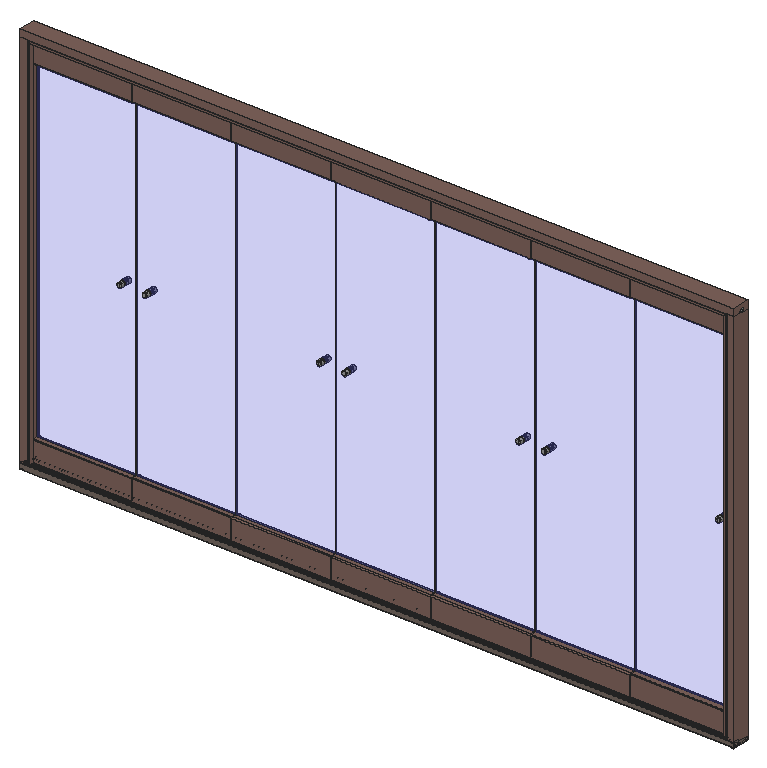
Revit family "FL7L 2385 LH", category Doors, host Wall, Revit 2015
Parameters (values of type "FL7L 2385 LH")
  Function = Interior
  Frame Projection Ext. = 25 mm
  Frame Projection Int. = 25 mm
  Frame Width = 75 mm
  Height = 2385 mm
  Wall Closure = By host
  Width = 4322 mm
Reference planes
  plane 1: y = 0
  plane 2 "Center (Left/Right)": x = 0
  plane 3 "Left": x = -2161
  plane 4 "Right": x = 2161
  plane 5: z = 2385
  plane 6 "Exterior": y = 75
  plane 7 "Interior": y = -75
  plane 8: x = 2116
  plane 9: x = 2112
  plane 10: x = 1512
  plane 11: x = 1508
  plane 12: x = 908
  plane 13: x = 904
  plane 14: x = 304
  plane 15: x = 300
  plane 16: x = -300
  plane 17: x = -304
  plane 18: x = -904
  plane 19: x = -908
  plane 20: x = -1508
  plane 21: x = -1512
  plane 22: x = -2112
  plane 23: x = -2116
Forms (mm)
  Extrusion 1, solid, material "Meranti (Frameless)"
    sketch origin (0, 0, 285) x (0, 1, 0) y (0, 0, 1)
      loop
        line (52.5, 2100) -> (-52.5, 2100) -> (-52.5, 2055) -> (-6.5, 2055) -> (-6.5, 2075) -> (15.5, 2075) -> (15.5, 2055) -> (52.5, 2055) -> (52.5, 2100)
    from -2161 to 2161
  Extrusion 2, solid, material "Steel, Chrome Plated"
    sketch origin (667.231, -1.5, 285) x (0, 1, 0) y (0, 0, 1)
      loop
        line (16.5, 2075) -> (-4.5, 2075) -> (-4.5, 2055) -> (-2.3, 2055) -> (-2.3, 2072.8) -> (14.3, 2072.8) -> (14.3, 2055) -> (16.5, 2055) -> (16.5, 2075)
    from -2828.231 to 1493.769
  Extrusion 3, solid, material "Meranti (Frameless)"
    sketch origin (0, 0, 0) x (1, 0, 0) y (0, 1, 0)
      loop
        line (-2161, 52.5) -> (-2161, -52.5) -> (-2116, -52.5) -> (-2116, 24.5) -> (-2128, 24.5) -> (-2128, 52.5) -> (-2161, 52.5)
      loop
        line (2161, 52.5) -> (2128, 52.5) -> (2128, 24.5) -> (2116, 24.5) -> (2116, -52.5) -> (2161, -52.5) -> (2161, 52.5)
    from 32 to 2340
  Extrusion 4, solid, material "Aluminium Cill (Bronze)"
    sketch origin (0, 79.18, -119.746) x (0, 1, 0) y (0, 0, 1)
      loop
        line (-26.68, 120.746) -> (-26.68, 135.746)
        arc (-26.68, 135.746) -> (-27.558, 137.867) -> (-29.68, 138.746) r 3
        line (-29.68, 138.746) -> (-40.947, 138.746)
        arc (-40.947, 138.746) -> (-42.68, 137.746) -> (-44.412, 138.746) r 2
        line (-44.412, 138.746) -> (-48.947, 138.746)
        arc (-48.947, 138.746) -> (-50.68, 137.746) -> (-52.412, 138.746) r 2
        line (-52.412, 138.746) -> (-56.947, 138.746)
        arc (-56.947, 138.746) -> (-58.68, 137.746) -> (-60.412, 138.746) r 2
        line (-60.412, 138.746) -> (-67.18, 138.746) -> (-67.18, 135.246)
        arc (-67.18, 135.246) -> (-67.619, 134.185) -> (-68.68, 133.746) r 1.5
        line (-68.68, 133.746) -> (-73.43, 133.746) -> (-73.43, 135.746) -> (-71.996, 135.746)
        arc (-71.996, 135.746) -> (-74.68, 138.746) -> (-77.363, 135.746) r 2.7
        line (-77.363, 135.746) -> (-75.93, 135.746) -> (-75.93, 133.746) -> (-80.68, 133.746)
        arc (-80.68, 133.746) -> (-81.74, 134.185) -> (-82.18, 135.246) r 1.5
        line (-82.18, 135.246) -> (-82.18, 138.746) -> (-90.432, 138.746) -> (-98.68, 138.746) -> (-98.68, 143.746)
        arc (-98.68, 143.746) -> (-99.18, 144.246) -> (-99.68, 143.746) r 0.5
        line (-99.68, 143.746) -> (-99.68, 142.734) -> (-100.88, 142.734) -> (-100.88, 150.246) -> (-99.68, 150.246) -> (-99.68, 149.246)
        arc (-99.68, 149.246) -> (-99.18, 148.746) -> (-98.68, 149.246) r 0.5
        line (-98.68, 149.246) -> (-98.68, 150.746)
        arc (-98.68, 150.746) -> (-98.972, 151.453) -> (-99.68, 151.746) r 1
        line (-99.68, 151.746) -> (-109.447, 151.746)
        arc (-109.447, 151.746) -> (-111.18, 150.746) -> (-112.912, 151.746) r 2
        line (-112.912, 151.746) -> (-117.447, 151.746)
        arc (-117.447, 151.746) -> (-119.18, 150.746) -> (-120.912, 151.746) r 2
        line (-120.912, 151.746) -> (-130.68, 151.746)
        arc (-130.68, 151.746) -> (-131.387, 151.453) -> (-131.68, 150.746) r 1
        line (-131.68, 150.746) -> (-131.68, 120.746)
        arc (-131.68, 120.746) -> (-131.387, 120.039) -> (-130.68, 119.746) r 1
        line (-130.68, 119.746) -> (-27.68, 119.746)
        arc (-27.68, 119.746) -> (-26.972, 120.039) -> (-26.68, 120.746) r 1
      loop
        line (-29.68, 137.246) -> (-40.23, 137.246)
        arc (-40.23, 137.246) -> (-42.68, 136.246) -> (-45.129, 137.246) r 3.5
        line (-45.129, 137.246) -> (-48.23, 137.246)
        arc (-48.23, 137.246) -> (-50.68, 136.246) -> (-53.129, 137.246) r 3.5
        line (-53.129, 137.246) -> (-56.23, 137.246)
        arc (-56.23, 137.246) -> (-58.68, 136.246) -> (-61.129, 137.246) r 3.5
        line (-61.129, 137.246) -> (-65.68, 137.246) -> (-65.68, 135.246)
        arc (-65.68, 135.246) -> (-66.558, 133.125) -> (-68.68, 132.246) r 3
        line (-68.68, 132.246) -> (-73.93, 132.246) -> (-73.93, 121.246) -> (-28.18, 121.246) -> (-28.18, 135.746)
        arc (-28.18, 135.746) -> (-28.619, 136.807) -> (-29.68, 137.246) r 1.5
      loop
        line (-75.43, 132.246) -> (-80.68, 132.246)
        arc (-80.68, 132.246) -> (-82.801, 133.125) -> (-83.68, 135.246) r 3
        line (-83.68, 135.246) -> (-83.68, 137.246) -> (-98.68, 137.246) -> (-98.68, 121.246) -> (-75.43, 121.246) -> (-75.43, 132.246)
      loop
        line (-100.18, 121.246) -> (-100.18, 141.246) -> (-102.38, 141.246) -> (-102.38, 150.246) -> (-108.73, 150.246)
        arc (-108.73, 150.246) -> (-111.18, 149.246) -> (-113.629, 150.246) r 3.5
        line (-113.629, 150.246) -> (-116.73, 150.246)
        arc (-116.73, 150.246) -> (-119.18, 149.246) -> (-121.629, 150.246) r 3.5
        line (-121.629, 150.246) -> (-130.18, 150.246) -> (-130.18, 121.246) -> (-100.18, 121.246)
    from -2161 to 2161
  Extrusion 5, solid, material "Meranti (Frameless)"
    sketch origin (0, 0, 0) x (1, 0, 0) y (0, 1, 0)
      loop
        line (-2161, 52.5) -> (-2161, -19.5) -> (-2116, -19.5) -> (-2116, 24.5) -> (-2128, 24.5) -> (-2128, 52.5) -> (-2161, 52.5)
      loop
        line (2161, 52.5) -> (2128, 52.5) -> (2128, 24.5) -> (2116, 24.5) -> (2116, -19.5) -> (2161, -19.5) -> (2161, 52.5)
    from 19 to 32
  Extrusion 6, solid, material "Meranti (Frameless)"
    sketch origin (0, 0, 285) x (0, 1, 0) y (0, 0, 1)
      loop
        line (-52.5, 2052) -> (-52.5, 2042) -> (-26.5, 2042) -> (-26.5, 2045.5) -> (-33.5, 2045.5) -> (-33.5, 2048.5) -> (-26.5, 2048.5) -> (-26.5, 2055) -> (-49.5, 2055) -> (-49.5, 2052) -> (-52.5, 2052)
    from -2116 to 2116
  Extrusion 7, solid, material "Meranti (Frameless)"
    sketch origin (0, 0, 285) x (1, 0, 0) y (0, 1, 0)
      loop
        line (-2113, -52.5) -> (-2103, -52.5) -> (-2103, -26.5) -> (-2106.5, -26.5) -> (-2106.5, -33.5) -> (-2109.5, -33.5) -> (-2109.5, -26.5) -> (-2116, -26.5) -> (-2116, -49.5) -> (-2113, -49.5) -> (-2113, -52.5)
      loop
        line (2113, -52.5) -> (2113, -49.5) -> (2116, -49.5) -> (2116, -26.5) -> (2109.5, -26.5) -> (2109.5, -33.5) -> (2106.5, -33.5) -> (2106.5, -26.5) -> (2103, -26.5) -> (2103, -52.5) -> (2113, -52.5)
    from -253 to 2042
  Extrusion 8, solid, material "Meranti (Frameless)"
    sketch origin (1202, 0, 0) x (0, 1, 0) y (0, 0, 1)
      loop
        line (24.5, 24) -> (24.5, 112) -> (13, 112) -> (13, 162) -> (-15.5, 162) -> (-20.5, 157) -> (-20.5, 37) -> (-15.5, 37) -> (-15.5, 24) -> (24.5, 24)
      loop
        line (24.5, 2335) -> (-20.5, 2335) -> (-20.5, 2202) -> (-15.5, 2197) -> (13, 2197) -> (13, 2247) -> (24.5, 2247) -> (24.5, 2335)
    from 310 to 910
  Extrusion 9, solid, material "Glass"
    sketch origin (1675.601, -93.1, -804.253) x (1, 0, 0) y (0, 0, 1)
      loop
        line (-163.601, 3051.253) -> (-163.601, 916.253) -> (436.399, 916.253) -> (436.399, 3051.253) -> (-163.601, 3051.253)
    from -116.1 to -106.1
  Extrusion 10, solid, material "Rubber, Black"
    sketch origin (1204.5, 0, 0) x (0, 1, 0) y (0, 0, 1)
      loop
        line (24.5, 112) -> (24.5, 162) -> (23, 162) -> (23, 112) -> (24.5, 112)
      loop
        line (24.5, 2197) -> (24.5, 2247) -> (23, 2247) -> (23, 2197) -> (24.5, 2197)
    from 307.5 to 907.5
  Revolve 11, solid, material "Steel, S 460"
    sketch origin (1662, 0, -1800) x (0, 1, 0) y (0, 0, 1)
      loop
        line (24.5, 1941.5) -> (31.5, 1941.5) -> (31.5, 1950) -> (29.5, 1952) -> (24.5, 1952) -> (24.5, 1941.5)
      axis (31.5, 1937) -> (24.5, 1937)
    angle from 0 to 360
  Revolve 12, solid, material "Steel, S 460"
    sketch origin (1962, 0, -1800) x (0, 1, 0) y (0, 0, -1)
      loop
        line (24.5, -1941.5) -> (24.5, -1952) -> (29.5, -1952) -> (31.5, -1950) -> (31.5, -1941.5) -> (24.5, -1941.5)
      axis (31.5, -1937) -> (24.5, -1937)
    angle from 0 to 360
  Revolve 13, solid, material "Steel, S 460"
    sketch origin (1662, 0, 285) x (0, 1, 0) y (0, 0, 1)
      loop
        line (24.5, 1941.5) -> (31.5, 1941.5) -> (31.5, 1950) -> (29.5, 1952) -> (24.5, 1952) -> (24.5, 1941.5)
      axis (31.5, 1937) -> (24.5, 1937)
    angle from 0 to 360
  Revolve 14, solid, material "Steel, S 460"
    sketch origin (1962, 0, 285) x (0, 1, 0) y (0, 0, -1)
      loop
        line (24.5, -1941.5) -> (24.5, -1952) -> (29.5, -1952) -> (31.5, -1950) -> (31.5, -1941.5) -> (24.5, -1941.5)
      axis (31.5, -1937) -> (24.5, -1937)
    angle from 0 to 360
  Extrusion 15, solid, material "Meranti (Frameless)"
    sketch origin (598, 0, 0) x (0, 1, 0) y (0, 0, 1)
      loop
        line (24.5, 24) -> (24.5, 112) -> (13, 112) -> (13, 162) -> (-15.5, 162) -> (-20.5, 157) -> (-20.5, 37) -> (-15.5, 37) -> (-15.5, 24) -> (24.5, 24)
      loop
        line (24.5, 2335) -> (-20.5, 2335) -> (-20.5, 2202) -> (-15.5, 2197) -> (13, 2197) -> (13, 2247) -> (24.5, 2247) -> (24.5, 2335)
    from 310 to 910
  Extrusion 16, solid, material "Glass"
    sketch origin (1071.601, -93.1, -804.253) x (1, 0, 0) y (0, 0, 1)
      loop
        line (-163.601, 3051.253) -> (-163.601, 916.253) -> (436.399, 916.253) -> (436.399, 3051.253) -> (-163.601, 3051.253)
    from -116.1 to -106.1
  Extrusion 17, solid, material "Rubber, Black"
    sketch origin (600.5, 0, 0) x (0, 1, 0) y (0, 0, 1)
      loop
        line (24.5, 112) -> (24.5, 162) -> (23, 162) -> (23, 112) -> (24.5, 112)
      loop
        line (24.5, 2197) -> (24.5, 2247) -> (23, 2247) -> (23, 2197) -> (24.5, 2197)
    from 307.5 to 907.5
  Revolve 18, solid, material "Steel, S 460"
    sketch origin (1058, 0, -1800) x (0, 1, 0) y (0, 0, 1)
      loop
        line (24.5, 1941.5) -> (31.5, 1941.5) -> (31.5, 1950) -> (29.5, 1952) -> (24.5, 1952) -> (24.5, 1941.5)
      axis (31.5, 1937) -> (24.5, 1937)
    angle from 0 to 360
  Revolve 19, solid, material "Steel, S 460"
    sketch origin (1358, 0, -1800) x (0, 1, 0) y (0, 0, -1)
      loop
        line (24.5, -1941.5) -> (24.5, -1952) -> (29.5, -1952) -> (31.5, -1950) -> (31.5, -1941.5) -> (24.5, -1941.5)
      axis (31.5, -1937) -> (24.5, -1937)
    angle from 0 to 360
  Revolve 20, solid, material "Steel, S 460"
    sketch origin (1058, 0, 285) x (0, 1, 0) y (0, 0, 1)
      loop
        line (24.5, 1941.5) -> (31.5, 1941.5) -> (31.5, 1950) -> (29.5, 1952) -> (24.5, 1952) -> (24.5, 1941.5)
      axis (31.5, 1937) -> (24.5, 1937)
    angle from 0 to 360
  Revolve 21, solid, material "Steel, S 460"
    sketch origin (1358, 0, 285) x (0, 1, 0) y (0, 0, -1)
      loop
        line (24.5, -1941.5) -> (24.5, -1952) -> (29.5, -1952) -> (31.5, -1950) -> (31.5, -1941.5) -> (24.5, -1941.5)
      axis (31.5, -1937) -> (24.5, -1937)
    angle from 0 to 360
  Extrusion 22, solid, material "Meranti (Frameless)"
    sketch origin (-6, 0, 0) x (0, 1, 0) y (0, 0, 1)
      loop
        line (24.5, 24) -> (24.5, 112) -> (13, 112) -> (13, 162) -> (-15.5, 162) -> (-20.5, 157) -> (-20.5, 37) -> (-15.5, 37) -> (-15.5, 24) -> (24.5, 24)
      loop
        line (24.5, 2335) -> (-20.5, 2335) -> (-20.5, 2202) -> (-15.5, 2197) -> (13, 2197) -> (13, 2247) -> (24.5, 2247) -> (24.5, 2335)
    from 310 to 910
  Extrusion 23, solid, material "Glass"
    sketch origin (467.601, -93.1, -804.253) x (1, 0, 0) y (0, 0, 1)
      loop
        line (-163.601, 3051.253) -> (-163.601, 916.253) -> (436.399, 916.253) -> (436.399, 3051.253) -> (-163.601, 3051.253)
    from -116.1 to -106.1
  Extrusion 24, solid, material "Rubber, Black"
    sketch origin (-3.5, 0, 0) x (0, 1, 0) y (0, 0, 1)
      loop
        line (24.5, 112) -> (24.5, 162) -> (23, 162) -> (23, 112) -> (24.5, 112)
      loop
        line (24.5, 2197) -> (24.5, 2247) -> (23, 2247) -> (23, 2197) -> (24.5, 2197)
    from 307.5 to 907.5
  Revolve 25, solid, material "Steel, S 460"
    sketch origin (454, 0, -1800) x (0, 1, 0) y (0, 0, 1)
      loop
        line (24.5, 1941.5) -> (31.5, 1941.5) -> (31.5, 1950) -> (29.5, 1952) -> (24.5, 1952) -> (24.5, 1941.5)
      axis (31.5, 1937) -> (24.5, 1937)
    angle from 0 to 360
  Revolve 26, solid, material "Steel, S 460"
    sketch origin (754, 0, -1800) x (0, 1, 0) y (0, 0, -1)
      loop
        line (24.5, -1941.5) -> (24.5, -1952) -> (29.5, -1952) -> (31.5, -1950) -> (31.5, -1941.5) -> (24.5, -1941.5)
      axis (31.5, -1937) -> (24.5, -1937)
    angle from 0 to 360
  Revolve 27, solid, material "Steel, S 460"
    sketch origin (454, 0, 285) x (0, 1, 0) y (0, 0, 1)
      loop
        line (24.5, 1941.5) -> (31.5, 1941.5) -> (31.5, 1950) -> (29.5, 1952) -> (24.5, 1952) -> (24.5, 1941.5)
      axis (31.5, 1937) -> (24.5, 1937)
    angle from 0 to 360
  Revolve 28, solid, material "Steel, S 460"
    sketch origin (754, 0, 285) x (0, 1, 0) y (0, 0, -1)
      loop
        line (24.5, -1941.5) -> (24.5, -1952) -> (29.5, -1952) -> (31.5, -1950) -> (31.5, -1941.5) -> (24.5, -1941.5)
      axis (31.5, -1937) -> (24.5, -1937)
    angle from 0 to 360
  Extrusion 29, solid, material "Meranti (Frameless)"
    sketch origin (-610, 0, 0) x (0, 1, 0) y (0, 0, 1)
      loop
        line (24.5, 24) -> (24.5, 112) -> (13, 112) -> (13, 162) -> (-15.5, 162) -> (-20.5, 157) -> (-20.5, 37) -> (-15.5, 37) -> (-15.5, 24) -> (24.5, 24)
      loop
        line (24.5, 2335) -> (-20.5, 2335) -> (-20.5, 2202) -> (-15.5, 2197) -> (13, 2197) -> (13, 2247) -> (24.5, 2247) -> (24.5, 2335)
    from 310 to 910
  Extrusion 30, solid, material "Glass"
    sketch origin (-136.399, -93.1, -804.253) x (1, 0, 0) y (0, 0, 1)
      loop
        line (-163.601, 3051.253) -> (-163.601, 916.253) -> (436.399, 916.253) -> (436.399, 3051.253) -> (-163.601, 3051.253)
    from -116.1 to -106.1
  Extrusion 31, solid, material "Rubber, Black"
    sketch origin (-607.5, 0, 0) x (0, 1, 0) y (0, 0, 1)
      loop
        line (24.5, 112) -> (24.5, 162) -> (23, 162) -> (23, 112) -> (24.5, 112)
      loop
        line (24.5, 2197) -> (24.5, 2247) -> (23, 2247) -> (23, 2197) -> (24.5, 2197)
    from 307.5 to 907.5
  Revolve 32, solid, material "Steel, S 460"
    sketch origin (-150, 0, -1800) x (0, 1, 0) y (0, 0, 1)
      loop
        line (24.5, 1941.5) -> (31.5, 1941.5) -> (31.5, 1950) -> (29.5, 1952) -> (24.5, 1952) -> (24.5, 1941.5)
      axis (31.5, 1937) -> (24.5, 1937)
    angle from 0 to 360
  Revolve 33, solid, material "Steel, S 460"
    sketch origin (150, 0, -1800) x (0, 1, 0) y (0, 0, -1)
      loop
        line (24.5, -1941.5) -> (24.5, -1952) -> (29.5, -1952) -> (31.5, -1950) -> (31.5, -1941.5) -> (24.5, -1941.5)
      axis (31.5, -1937) -> (24.5, -1937)
    angle from 0 to 360
  Revolve 34, solid, material "Steel, S 460"
    sketch origin (-150, 0, 285) x (0, 1, 0) y (0, 0, 1)
      loop
        line (24.5, 1941.5) -> (31.5, 1941.5) -> (31.5, 1950) -> (29.5, 1952) -> (24.5, 1952) -> (24.5, 1941.5)
      axis (31.5, 1937) -> (24.5, 1937)
    angle from 0 to 360
  Revolve 35, solid, material "Steel, S 460"
    sketch origin (150, 0, 285) x (0, 1, 0) y (0, 0, -1)
      loop
        line (24.5, -1941.5) -> (24.5, -1952) -> (29.5, -1952) -> (31.5, -1950) -> (31.5, -1941.5) -> (24.5, -1941.5)
      axis (31.5, -1937) -> (24.5, -1937)
    angle from 0 to 360
  Extrusion 36, solid, material "Meranti (Frameless)"
    sketch origin (-1214, 0, 0) x (0, 1, 0) y (0, 0, 1)
      loop
        line (24.5, 24) -> (24.5, 112) -> (13, 112) -> (13, 162) -> (-15.5, 162) -> (-20.5, 157) -> (-20.5, 37) -> (-15.5, 37) -> (-15.5, 24) -> (24.5, 24)
      loop
        line (24.5, 2335) -> (-20.5, 2335) -> (-20.5, 2202) -> (-15.5, 2197) -> (13, 2197) -> (13, 2247) -> (24.5, 2247) -> (24.5, 2335)
    from 310 to 910
  Extrusion 37, solid, material "Glass"
    sketch origin (-740.399, -93.1, -804.253) x (1, 0, 0) y (0, 0, 1)
      loop
        line (-163.601, 3051.253) -> (-163.601, 916.253) -> (436.399, 916.253) -> (436.399, 3051.253) -> (-163.601, 3051.253)
    from -116.1 to -106.1
  Extrusion 38, solid, material "Rubber, Black"
    sketch origin (-1211.5, 0, 0) x (0, 1, 0) y (0, 0, 1)
      loop
        line (24.5, 112) -> (24.5, 162) -> (23, 162) -> (23, 112) -> (24.5, 112)
      loop
        line (24.5, 2197) -> (24.5, 2247) -> (23, 2247) -> (23, 2197) -> (24.5, 2197)
    from 307.5 to 907.5
  Revolve 39, solid, material "Steel, S 460"
    sketch origin (-754, 0, -1800) x (0, 1, 0) y (0, 0, 1)
      loop
        line (24.5, 1941.5) -> (31.5, 1941.5) -> (31.5, 1950) -> (29.5, 1952) -> (24.5, 1952) -> (24.5, 1941.5)
      axis (31.5, 1937) -> (24.5, 1937)
    angle from 0 to 360
  Revolve 40, solid, material "Steel, S 460"
    sketch origin (-454, 0, -1800) x (0, 1, 0) y (0, 0, -1)
      loop
        line (24.5, -1941.5) -> (24.5, -1952) -> (29.5, -1952) -> (31.5, -1950) -> (31.5, -1941.5) -> (24.5, -1941.5)
      axis (31.5, -1937) -> (24.5, -1937)
    angle from 0 to 360
  Revolve 41, solid, material "Steel, S 460"
    sketch origin (-754, 0, 285) x (0, 1, 0) y (0, 0, 1)
      loop
        line (24.5, 1941.5) -> (31.5, 1941.5) -> (31.5, 1950) -> (29.5, 1952) -> (24.5, 1952) -> (24.5, 1941.5)
      axis (31.5, 1937) -> (24.5, 1937)
    angle from 0 to 360
  Revolve 42, solid, material "Steel, S 460"
    sketch origin (-454, 0, 285) x (0, 1, 0) y (0, 0, -1)
      loop
        line (24.5, -1941.5) -> (24.5, -1952) -> (29.5, -1952) -> (31.5, -1950) -> (31.5, -1941.5) -> (24.5, -1941.5)
      axis (31.5, -1937) -> (24.5, -1937)
    angle from 0 to 360
  Extrusion 43, solid, material "Meranti (Frameless)"
    sketch origin (-1818, 0, 0) x (0, 1, 0) y (0, 0, 1)
      loop
        line (24.5, 24) -> (24.5, 112) -> (13, 112) -> (13, 162) -> (-15.5, 162) -> (-20.5, 157) -> (-20.5, 37) -> (-15.5, 37) -> (-15.5, 24) -> (24.5, 24)
      loop
        line (24.5, 2335) -> (-20.5, 2335) -> (-20.5, 2202) -> (-15.5, 2197) -> (13, 2197) -> (13, 2247) -> (24.5, 2247) -> (24.5, 2335)
    from 310 to 910
  Extrusion 44, solid, material "Glass"
    sketch origin (-1344.399, -93.1, -804.253) x (1, 0, 0) y (0, 0, 1)
      loop
        line (-163.601, 3051.253) -> (-163.601, 916.253) -> (436.399, 916.253) -> (436.399, 3051.253) -> (-163.601, 3051.253)
    from -116.1 to -106.1
  Extrusion 45, solid, material "Rubber, Black"
    sketch origin (-1815.5, 0, 0) x (0, 1, 0) y (0, 0, 1)
      loop
        line (24.5, 112) -> (24.5, 162) -> (23, 162) -> (23, 112) -> (24.5, 112)
      loop
        line (24.5, 2197) -> (24.5, 2247) -> (23, 2247) -> (23, 2197) -> (24.5, 2197)
    from 307.5 to 907.5
  Revolve 46, solid, material "Steel, S 460"
    sketch origin (-1358, 0, -1800) x (0, 1, 0) y (0, 0, 1)
      loop
        line (24.5, 1941.5) -> (31.5, 1941.5) -> (31.5, 1950) -> (29.5, 1952) -> (24.5, 1952) -> (24.5, 1941.5)
      axis (31.5, 1937) -> (24.5, 1937)
    angle from 0 to 360
  Revolve 47, solid, material "Steel, S 460"
    sketch origin (-1058, 0, -1800) x (0, 1, 0) y (0, 0, -1)
      loop
        line (24.5, -1941.5) -> (24.5, -1952) -> (29.5, -1952) -> (31.5, -1950) -> (31.5, -1941.5) -> (24.5, -1941.5)
      axis (31.5, -1937) -> (24.5, -1937)
    angle from 0 to 360
  Revolve 48, solid, material "Steel, S 460"
    sketch origin (-1358, 0, 285) x (0, 1, 0) y (0, 0, 1)
      loop
        line (24.5, 1941.5) -> (31.5, 1941.5) -> (31.5, 1950) -> (29.5, 1952) -> (24.5, 1952) -> (24.5, 1941.5)
      axis (31.5, 1937) -> (24.5, 1937)
    angle from 0 to 360
  Revolve 49, solid, material "Steel, S 460"
    sketch origin (-1058, 0, 285) x (0, 1, 0) y (0, 0, -1)
      loop
        line (24.5, -1941.5) -> (24.5, -1952) -> (29.5, -1952) -> (31.5, -1950) -> (31.5, -1941.5) -> (24.5, -1941.5)
      axis (31.5, -1937) -> (24.5, -1937)
    angle from 0 to 360
  Extrusion 50, solid, material "Meranti (Frameless)"
    sketch origin (-2422, 0, 0) x (0, 1, 0) y (0, 0, 1)
      loop
        line (24.5, 24) -> (24.5, 112) -> (13, 112) -> (13, 162) -> (-15.5, 162) -> (-20.5, 157) -> (-20.5, 37) -> (-15.5, 37) -> (-15.5, 24) -> (24.5, 24)
      loop
        line (24.5, 2335) -> (-20.5, 2335) -> (-20.5, 2202) -> (-15.5, 2197) -> (13, 2197) -> (13, 2247) -> (24.5, 2247) -> (24.5, 2335)
    from 310 to 910
  Extrusion 51, solid, material "Glass"
    sketch origin (-1948.399, -93.1, -804.253) x (1, 0, 0) y (0, 0, 1)
      loop
        line (-163.601, 3051.253) -> (-163.601, 916.253) -> (436.399, 916.253) -> (436.399, 3051.253) -> (-163.601, 3051.253)
    from -116.1 to -106.1
  Extrusion 52, solid, material "Rubber, Black"
    sketch origin (-2419.5, 0, 0) x (0, 1, 0) y (0, 0, 1)
      loop
        line (24.5, 112) -> (24.5, 162) -> (23, 162) -> (23, 112) -> (24.5, 112)
      loop
        line (24.5, 2197) -> (24.5, 2247) -> (23, 2247) -> (23, 2197) -> (24.5, 2197)
    from 307.5 to 907.5
  Revolve 53, solid, material "Steel, S 460"
    sketch origin (-1962, 0, -1800) x (0, 1, 0) y (0, 0, 1)
      loop
        line (24.5, 1941.5) -> (31.5, 1941.5) -> (31.5, 1950) -> (29.5, 1952) -> (24.5, 1952) -> (24.5, 1941.5)
      axis (31.5, 1937) -> (24.5, 1937)
    angle from 0 to 360
  Revolve 54, solid, material "Steel, S 460"
    sketch origin (-1662, 0, -1800) x (0, 1, 0) y (0, 0, -1)
      loop
        line (24.5, -1941.5) -> (24.5, -1952) -> (29.5, -1952) -> (31.5, -1950) -> (31.5, -1941.5) -> (24.5, -1941.5)
      axis (31.5, -1937) -> (24.5, -1937)
    angle from 0 to 360
  Revolve 55, solid, material "Steel, S 460"
    sketch origin (-1962, 0, 285) x (0, 1, 0) y (0, 0, 1)
      loop
        line (24.5, 1941.5) -> (31.5, 1941.5) -> (31.5, 1950) -> (29.5, 1952) -> (24.5, 1952) -> (24.5, 1941.5)
      axis (31.5, 1937) -> (24.5, 1937)
    angle from 0 to 360
  Revolve 56, solid, material "Steel, S 460"
    sketch origin (-1662, 0, 285) x (0, 1, 0) y (0, 0, -1)
      loop
        line (24.5, -1941.5) -> (24.5, -1952) -> (29.5, -1952) -> (31.5, -1950) -> (31.5, -1941.5) -> (24.5, -1941.5)
      axis (31.5, -1937) -> (24.5, -1937)
    angle from 0 to 360
  Revolve 57, solid, material "Steel, Chrome Plated"
    sketch origin (-1587, -128.249, 152.823) x (0, 1, 0) y (0, 0, -1)
      loop
        line (151.249, -1026.677) -> (151.249, -1041.677) -> (154.249, -1041.677) -> (159.249, -1036.677) -> (164.249, -1041.677) -> (180.249, -1041.677) -> (181.249, -1040.677) -> (181.249, -1026.677) -> (151.249, -1026.677)
      axis (181.249, -1026.677) -> (151.249, -1026.677)
    angle from 0 to 360
  Revolve 58, solid, material "Steel, Chrome Plated"
    sketch origin (-1587, 164.249, 152.823) x (0, -1, 0) y (0, 0, 1)
      loop
        line (151.249, 1026.677) -> (181.249, 1026.677) -> (181.249, 1040.677) -> (180.249, 1041.677) -> (164.249, 1041.677) -> (159.249, 1036.677) -> (154.249, 1041.677) -> (151.249, 1041.677) -> (151.249, 1026.677)
      axis (181.249, 1026.677) -> (151.249, 1026.677)
    angle from 0 to 360
  Revolve 59, solid, material "Steel, Chrome Plated"
    sketch origin (-379, -128.249, 152.823) x (0, 1, 0) y (0, 0, -1)
      loop
        line (151.249, -1026.677) -> (151.249, -1041.677) -> (154.249, -1041.677) -> (159.249, -1036.677) -> (164.249, -1041.677) -> (180.249, -1041.677) -> (181.249, -1040.677) -> (181.249, -1026.677) -> (151.249, -1026.677)
      axis (181.249, -1026.677) -> (151.249, -1026.677)
    angle from 0 to 360
  Revolve 60, solid, material "Steel, Chrome Plated"
    sketch origin (-379, 164.249, 152.823) x (0, -1, 0) y (0, 0, 1)
      loop
        line (151.249, 1026.677) -> (181.249, 1026.677) -> (181.249, 1040.677) -> (180.249, 1041.677) -> (164.249, 1041.677) -> (159.249, 1036.677) -> (154.249, 1041.677) -> (151.249, 1041.677) -> (151.249, 1026.677)
      axis (181.249, 1026.677) -> (151.249, 1026.677)
    angle from 0 to 360
  Revolve 61, solid, material "Steel, Chrome Plated"
    sketch origin (829, -128.249, 152.823) x (0, 1, 0) y (0, 0, -1)
      loop
        line (151.249, -1026.677) -> (151.249, -1041.677) -> (154.249, -1041.677) -> (159.249, -1036.677) -> (164.249, -1041.677) -> (180.249, -1041.677) -> (181.249, -1040.677) -> (181.249, -1026.677) -> (151.249, -1026.677)
      axis (181.249, -1026.677) -> (151.249, -1026.677)
    angle from 0 to 360
  Revolve 62, solid, material "Steel, Chrome Plated"
    sketch origin (829, 164.249, 152.823) x (0, -1, 0) y (0, 0, 1)
      loop
        line (151.249, 1026.677) -> (181.249, 1026.677) -> (181.249, 1040.677) -> (180.249, 1041.677) -> (164.249, 1041.677) -> (159.249, 1036.677) -> (154.249, 1041.677) -> (151.249, 1041.677) -> (151.249, 1026.677)
      axis (181.249, 1026.677) -> (151.249, 1026.677)
    angle from 0 to 360
  Revolve 63, solid, material "Steel, Chrome Plated"
    sketch origin (2037, -128.249, 152.823) x (0, 1, 0) y (0, 0, -1)
      loop
        line (151.249, -1026.677) -> (151.249, -1041.677) -> (154.249, -1041.677) -> (159.249, -1036.677) -> (164.249, -1041.677) -> (180.249, -1041.677) -> (181.249, -1040.677) -> (181.249, -1026.677) -> (151.249, -1026.677)
      axis (181.249, -1026.677) -> (151.249, -1026.677)
    angle from 0 to 360
  Revolve 64, solid, material "Steel, Chrome Plated"
    sketch origin (2037, 164.249, 152.823) x (0, -1, 0) y (0, 0, 1)
      loop
        line (151.249, 1026.677) -> (181.249, 1026.677) -> (181.249, 1040.677) -> (180.249, 1041.677) -> (164.249, 1041.677) -> (159.249, 1036.677) -> (154.249, 1041.677) -> (151.249, 1041.677) -> (151.249, 1026.677)
      axis (181.249, 1026.677) -> (151.249, 1026.677)
    angle from 0 to 360
  Revolve 65, solid, material "Steel, Chrome Plated"
    sketch origin (-1433, -128.249, 152.823) x (0, 1, 0) y (0, 0, 1)
      loop
        line (151.249, 1026.677) -> (181.249, 1026.677) -> (181.249, 1040.677) -> (180.249, 1041.677) -> (164.249, 1041.677) -> (159.249, 1036.677) -> (154.249, 1041.677) -> (151.249, 1041.677) -> (151.249, 1026.677)
      axis (181.249, 1026.677) -> (151.249, 1026.677)
    angle from 0 to 360
  Revolve 66, solid, material "Steel, Chrome Plated"
    sketch origin (-225, -128.249, 152.823) x (0, 1, 0) y (0, 0, 1)
      loop
        line (151.249, 1026.677) -> (181.249, 1026.677) -> (181.249, 1040.677) -> (180.249, 1041.677) -> (164.249, 1041.677) -> (159.249, 1036.677) -> (154.249, 1041.677) -> (151.249, 1041.677) -> (151.249, 1026.677)
      axis (181.249, 1026.677) -> (151.249, 1026.677)
    angle from 0 to 360
  Revolve 67, solid, material "Steel, Chrome Plated"
    sketch origin (983, -128.249, 152.823) x (0, 1, 0) y (0, 0, 1)
      loop
        line (151.249, 1026.677) -> (181.249, 1026.677) -> (181.249, 1040.677) -> (180.249, 1041.677) -> (164.249, 1041.677) -> (159.249, 1036.677) -> (154.249, 1041.677) -> (151.249, 1041.677) -> (151.249, 1026.677)
      axis (181.249, 1026.677) -> (151.249, 1026.677)
    angle from 0 to 360
  Revolve 68, solid, material "Steel, Chrome Plated"
    sketch origin (-1433, 164.249, 152.823) x (0, -1, 0) y (0, 0, -1)
      loop
        line (151.249, -1026.677) -> (151.249, -1041.677) -> (154.249, -1041.677) -> (159.249, -1036.677) -> (164.249, -1041.677) -> (180.249, -1041.677) -> (181.249, -1040.677) -> (181.249, -1026.677) -> (151.249, -1026.677)
      axis (181.249, -1026.677) -> (151.249, -1026.677)
    angle from 0 to 360
  Revolve 69, solid, material "Steel, Chrome Plated"
    sketch origin (-225, 164.249, 152.823) x (0, -1, 0) y (0, 0, -1)
      loop
        line (151.249, -1026.677) -> (151.249, -1041.677) -> (154.249, -1041.677) -> (159.249, -1036.677) -> (164.249, -1041.677) -> (180.249, -1041.677) -> (181.249, -1040.677) -> (181.249, -1026.677) -> (151.249, -1026.677)
      axis (181.249, -1026.677) -> (151.249, -1026.677)
    angle from 0 to 360
  Revolve 70, solid, material "Steel, Chrome Plated"
    sketch origin (983, 164.249, 152.823) x (0, -1, 0) y (0, 0, -1)
      loop
        line (151.249, -1026.677) -> (151.249, -1041.677) -> (154.249, -1041.677) -> (159.249, -1036.677) -> (164.249, -1041.677) -> (180.249, -1041.677) -> (181.249, -1040.677) -> (181.249, -1026.677) -> (151.249, -1026.677)
      axis (181.249, -1026.677) -> (151.249, -1026.677)
    angle from 0 to 360
Cuts and joins
  joined: Extrusion 3, Extrusion 5
Lines and regions (mm)
  Opening 1
    outline origin (-3050, -75, 0) x (1, 0, 0) y (0, 0, 1)
      loop
        line (889, 0) -> (5211, 0) -> (5211, 2385) -> (889, 2385) -> (889, 0)
  model lines
    curve 1: line (-1640.302, 75, 1192.5) -> (-1815.302, 75, 1192.5)
    curve 2: line (-1954.379, 75, 1192.5) -> (-1815.302, 75, 1248.691)
    curve 3: line (-1815.302, 75, 1248.691) -> (-1815.302, 75, 1136.309)
    curve 4: line (-1954.379, 75, 1192.5) -> (-1815.302, 75, 1136.309)
    curve 5: line (-1036.302, 75, 1192.5) -> (-1211.302, 75, 1192.5)
    curve 6: line (-1350.379, 75, 1192.5) -> (-1211.302, 75, 1248.691)
    curve 7: line (-1211.302, 75, 1248.691) -> (-1211.302, 75, 1136.309)
    curve 8: line (-1350.379, 75, 1192.5) -> (-1211.302, 75, 1136.309)
    curve 9: line (-432.302, 75, 1192.5) -> (-607.302, 75, 1192.5)
    curve 10: line (-746.379, 75, 1192.5) -> (-607.302, 75, 1248.691)
    curve 11: line (-607.302, 75, 1248.691) -> (-607.302, 75, 1136.309)
    curve 12: line (-746.379, 75, 1192.5) -> (-607.302, 75, 1136.309)
    curve 13: line (171.698, 75, 1192.5) -> (-3.302, 75, 1192.5)
    curve 14: line (-142.379, 75, 1192.5) -> (-3.302, 75, 1248.691)
    curve 15: line (-3.302, 75, 1248.691) -> (-3.302, 75, 1136.309)
    curve 16: line (-142.379, 75, 1192.5) -> (-3.302, 75, 1136.309)
    curve 17: line (775.698, 75, 1192.5) -> (600.698, 75, 1192.5)
    curve 18: line (461.621, 75, 1192.5) -> (600.698, 75, 1248.691)
    curve 19: line (600.698, 75, 1248.691) -> (600.698, 75, 1136.309)
    curve 20: line (461.621, 75, 1192.5) -> (600.698, 75, 1136.309)
    curve 21: line (1379.698, 75, 1192.5) -> (1204.698, 75, 1192.5)
    curve 22: line (1065.621, 75, 1192.5) -> (1204.698, 75, 1248.691)
    curve 23: line (1204.698, 75, 1248.691) -> (1204.698, 75, 1136.309)
    curve 24: line (1065.621, 75, 1192.5) -> (1204.698, 75, 1136.309)
    curve 25: line (1983.698, 75, 1192.5) -> (1808.698, 75, 1192.5)
    curve 26: line (1669.621, 75, 1192.5) -> (1808.698, 75, 1248.691)
    curve 27: line (1808.698, 75, 1248.691) -> (1808.698, 75, 1136.309)
    curve 28: line (1669.621, 75, 1192.5) -> (1808.698, 75, 1136.309)
    curve 29: line (-2112, 24.5, 0) -> (-1906.788, 588.316, 0)
    curve 30: line (-1906.788, 588.316, 0) -> (-1864.502, 572.925, 0)
    curve 31: line (-1864.502, 572.925, 0) -> (-2069.714, 9.109, 0)
    curve 32: line (-1616.782, 23.892, 0) -> (-1822.216, 588.316, 0)
    curve 33: line (-1822.216, 588.316, 0) -> (-1864.502, 572.925, 0)
    curve 34: line (-1864.502, 572.925, 0) -> (-1659.29, 9.109, 0)
    curve 35: line (-1616.782, 23.892, 0) -> (-1411.349, 588.316, 0)
    curve 36: line (-1411.349, 588.316, 0) -> (-1369.063, 572.925, 0)
    curve 37: line (-1369.063, 572.925, 0) -> (-1574.275, 9.109, 0)
    curve 38: line (-626.126, 24.5, 0) -> (-831.338, 588.316, 0)
    curve 39: line (-831.338, 588.316, 0) -> (-873.624, 572.925, 0)
    curve 40: line (-873.624, 572.925, 0) -> (-668.412, 9.109, 0)
    curve 41: line (-1121.343, 23.892, 0) -> (-915.91, 588.316, 0)
    curve 42: line (-915.91, 588.316, 0) -> (-873.624, 572.925, 0)
    curve 43: line (-873.624, 572.925, 0) -> (-1078.836, 9.109, 0)
    curve 44: line (-1121.343, 23.892, 0) -> (-1326.777, 588.316, 0)
    curve 45: line (-1326.777, 588.316, 0) -> (-1369.063, 572.925, 0)
    curve 46: line (-1369.063, 572.925, 0) -> (-1163.851, 9.109, 0)
    curve 47: line (-626.126, 24.5, 0) -> (-420.913, 588.316, 0)
    curve 48: line (-420.913, 588.316, 0) -> (-378.627, 572.925, 0)
    curve 49: line (-378.627, 572.925, 0) -> (-583.839, 9.109, 0)
Text (mm)
  text "Exterior" at (-2295.016, 1099.543, 0), in view "Ref. Level"
  text "Exterior" at (0, 1615.38, 3698.081), in view "Left"
  text "Exterior" at (0, 1036.032, 3874.932), in view "Right"
Dimensions and locks
  equal spacing: plane 3 "Left", plane 2 "Center (Left/Right)", plane 4 "Right"
  "Width": plane 3 "Left" to plane 4 "Right"
  "Height": plane 5 to host wall
  host wall to plane 5 = 2385 mm  (x2)
  locked: plane 6 "Exterior" to host wall at 0
  locked: plane 7 "Interior" to host wall
  plane 3 "Left" to plane 4 "Right" = 4322 mm
  aligned and locked: plane 3 "Left" to Opening 1 sketch curve
  aligned and locked: plane 5 to Opening 1 sketch curve  (x2)
  aligned and locked: Opening 1 sketch curve to plane 4 "Right"
  aligned and locked: Opening 1 sketch curve to level
  aligned and locked: host wall to plane 1
  aligned and locked: Extrusion 8 to Extrusion 10  (x2)
  aligned and locked: Extrusion 15 to Extrusion 17  (x2)
  aligned and locked: Extrusion 22 to Extrusion 24  (x2)
  aligned and locked: Extrusion 29 to Extrusion 31  (x2)
  aligned and locked: Extrusion 36 to Extrusion 38  (x2)
  aligned and locked: Extrusion 43 to Extrusion 45  (x2)
  aligned and locked: Extrusion 50 to Extrusion 52  (x2)
Automatic sketch dimensions
  plane 22 to curve 2 = 157.621 mm
  curve 2 to curve 2 = 139.078 mm
  plane 20 to curve 6 = 157.621 mm
  curve 6 to curve 6 = 139.078 mm
  plane 18 to curve 10 = 157.621 mm
  curve 10 to curve 10 = 139.078 mm
  curve 14 to plane 2 "Center (Left/Right)" = 142.379 mm
  curve 14 to plane 2 "Center (Left/Right)" = 3.302 mm
  plane 14 to curve 20 = 157.621 mm
  curve 18 to curve 18 = 139.078 mm
  plane 12 to curve 24 = 157.621 mm
  curve 22 to curve 23 = 139.078 mm
  plane 10 to curve 26 = 157.621 mm
  curve 26 to curve 27 = 139.078 mm
  level to curve 3 = 1136.309 mm
  curve 7 to curve 3 = 0 mm
  curve 11 to curve 7 = 0 mm
  curve 15 to curve 11 = 0 mm
  curve 19 to curve 15 = 0 mm
  curve 23 to curve 19 = 0 mm
  curve 27 to curve 23 = 0 mm
  curve 27 to curve 28 = 56.191 mm
  curve 24 to curve 24 = 56.191 mm
  curve 3 to curve 2 = 56.191 mm
  curve 7 to curve 6 = 56.191 mm
  curve 19 to curve 20 = 56.191 mm
  curve 11 to curve 10 = 56.191 mm
  curve 16 to curve 14 = 56.191 mm
  curve 16 to curve 14 = 112.382 mm
  curve 11 to curve 11 = 112.382 mm
  curve 19 to curve 18 = 112.382 mm
  curve 7 to curve 7 = 112.382 mm
  curve 3 to curve 3 = 112.382 mm
  curve 24 to curve 22 = 112.382 mm
  curve 27 to curve 26 = 112.382 mm
  curve 1 to plane 21 = 128.302 mm
  curve 5 to plane 19 = 128.302 mm
  curve 9 to plane 17 = 128.302 mm
  curve 13 to plane 15 = 128.302 mm
  curve 17 to plane 13 = 128.302 mm
  curve 21 to plane 11 = 128.302 mm
  curve 25 to plane 9 = 128.302 mm
  curve 25 to curve 26 = 56.191 mm
  curve 1 to curve 2 = 56.191 mm
  curve 21 to curve 22 = 56.191 mm
  curve 5 to curve 6 = 56.191 mm
  curve 9 to curve 10 = 56.191 mm
  curve 17 to curve 18 = 56.191 mm
  curve 13 to curve 14 = 56.191 mm
  Extrusion 3 sketch curve to plane 3 "Left" = 0 mm
  Extrusion 3 sketch curve to plane 23 = 0 mm
  Extrusion 3 sketch curve to plane 8 = 0 mm
  Extrusion 3 sketch curve to plane 4 "Right" = 0 mm
  Extrusion 3 sketch curve to Extrusion 3 sketch curve = 12 mm
  plane 8 to Extrusion 3 sketch curve = 12 mm
  Extrusion 3 sketch curve to host wall = 22.5 mm  (x4)
  Extrusion 3 sketch curve to host wall = 24.5 mm  (x2)
  Extrusion 4 sketch curve to level = 0 mm
  level to Extrusion 4 sketch curve = 1 mm
  Extrusion 4 sketch curve to host wall = 22.5 mm
  Extrusion 4 sketch curve to Extrusion 4 sketch curve = 1 mm  (x7)
  Extrusion 4 sketch curve to Extrusion 4 sketch curve = 0.5 mm  (x8)
  Extrusion 4 sketch curve to Extrusion 4 sketch curve = 8.551 mm
  Extrusion 4 sketch curve to Extrusion 4 sketch curve = 0.717 mm  (x10)
  Extrusion 4 sketch curve to Extrusion 4 sketch curve = 1.732 mm  (x10)
  Extrusion 4 sketch curve to Extrusion 4 sketch curve = 0 mm  (x26)
  Extrusion 4 sketch curve to Extrusion 4 sketch curve = 3.101 mm  (x3)
  Extrusion 4 sketch curve to Extrusion 4 sketch curve = 6.351 mm
  Extrusion 4 sketch curve to Extrusion 4 sketch curve = 1.5 mm  (x15)
  Extrusion 4 sketch curve to Extrusion 4 sketch curve = 0.7 mm
  level to Extrusion 4 sketch curve = 1.5 mm  (x3)
  Extrusion 4 sketch curve to Extrusion 4 sketch curve = 1.2 mm  (x2)
  Extrusion 4 sketch curve to Extrusion 4 sketch curve = 8.248 mm
  host wall to Extrusion 4 sketch curve = 4.5 mm
  host wall to Extrusion 4 sketch curve = 1.5 mm  (x2)
  Extrusion 4 sketch curve to host wall = 1.817 mm
  Extrusion 4 sketch curve to Extrusion 4 sketch curve = 1.433 mm  (x3)
  Extrusion 4 sketch curve to host wall = 3.75 mm
  Extrusion 4 sketch curve to Extrusion 4 sketch curve = 1.25 mm  (x2)
  Extrusion 4 sketch curve to Extrusion 4 sketch curve = 3.317 mm
  Extrusion 4 sketch curve to Extrusion 4 sketch curve = 4.551 mm
  Extrusion 4 sketch curve to Extrusion 4 sketch curve = 10.551 mm
  Extrusion 4 sketch curve to Extrusion 4 sketch curve = 11 mm
  Extrusion 4 sketch curve to Extrusion 4 sketch curve = 14.5 mm
  Extrusion 4 sketch curve to Extrusion 4 sketch curve = 2 mm  (x4)
  Extrusion 4 sketch curve to Extrusion 4 sketch curve = 0.3 mm
  Extrusion 4 sketch curve to Extrusion 4 sketch curve = 2.5 mm
  Extrusion 4 sketch curve to Extrusion 4 sketch curve = 1.488 mm
  Extrusion 4 sketch curve to Extrusion 4 sketch curve = 1.012 mm
  Extrusion 4 sketch curve to Extrusion 4 sketch curve = 5.5 mm
  Extrusion 5 sketch curve to plane 3 "Left" = 0 mm
  Extrusion 5 sketch curve to plane 23 = 0 mm
  Extrusion 5 sketch curve to plane 8 = 0 mm
  Extrusion 5 sketch curve to plane 4 "Right" = 0 mm
  Extrusion 5 sketch curve to plane 23 = 12 mm
  Extrusion 5 sketch curve to Extrusion 5 sketch curve = 12 mm
  host wall to Extrusion 5 sketch curve = 19.5 mm  (x2)
  Extrusion 5 sketch curve to host wall = 24.5 mm  (x2)
  Extrusion 5 sketch curve to host wall = 22.5 mm  (x2)
  Extrusion 7 sketch curve to plane 23 = 0 mm
  Extrusion 7 sketch curve to plane 8 = 0 mm
  Extrusion 7 sketch curve to plane 22 = 1 mm
  plane 22 to Extrusion 7 sketch curve = 2.5 mm
  Extrusion 7 sketch curve to Extrusion 7 sketch curve = 3 mm  (x3)
  plane 22 to Extrusion 7 sketch curve = 9 mm
  Extrusion 7 sketch curve to plane 9 = 9 mm
  Extrusion 7 sketch curve to plane 9 = 5.5 mm
  Extrusion 7 sketch curve to plane 9 = 2.5 mm
  plane 9 to Extrusion 7 sketch curve = 1 mm
  Extrusion 7 sketch curve to host wall = 22.5 mm  (x2)
  Extrusion 7 sketch curve to Extrusion 7 sketch curve = 16 mm  (x2)
  Extrusion 7 sketch curve to Extrusion 7 sketch curve = 7 mm  (x2)
  Extrusion 7 sketch curve to Extrusion 7 sketch curve = 0 mm  (x2)
  Revolve 11 sketch curve to host wall = 24.5 mm
  Revolve 11 sketch curve to Revolve 11 sketch curve = 5 mm
  Revolve 11 sketch curve to Revolve 11 sketch curve = 2 mm  (x2)
  level to Revolve 11 sketch curve = 141.5 mm
  Revolve 11 sketch curve to Revolve 11 sketch curve = 8.5 mm
  Revolve 11 sketch curve to Revolve 11 sketch curve = 6.469 mm
  Revolve 11 sketch curve to Revolve 11 sketch curve = 5.515 mm
  Revolve 11 sketch curve to Revolve 11 sketch curve = 4.5 mm
  Revolve 12 sketch curve to host wall = 24.5 mm
  Revolve 12 sketch curve to Revolve 12 sketch curve = 5 mm
  Revolve 12 sketch curve to Revolve 12 sketch curve = 2 mm  (x2)
  level to Revolve 12 sketch curve = 152 mm
  Revolve 12 sketch curve to Revolve 12 sketch curve = 8.5 mm
  Revolve 12 sketch curve to Revolve 12 sketch curve = 6.469 mm
  Revolve 12 sketch curve to Revolve 12 sketch curve = 5.515 mm
  Revolve 12 sketch curve to Revolve 12 sketch curve = 4.5 mm
  Revolve 18 sketch curve to host wall = 24.5 mm
  Revolve 18 sketch curve to Revolve 18 sketch curve = 5 mm
  Revolve 18 sketch curve to Revolve 18 sketch curve = 2 mm  (x2)
  level to Revolve 18 sketch curve = 141.5 mm
  Revolve 18 sketch curve to Revolve 18 sketch curve = 8.5 mm
  Revolve 18 sketch curve to Revolve 18 sketch curve = 6.469 mm
  Revolve 18 sketch curve to Revolve 18 sketch curve = 5.515 mm
  Revolve 18 sketch curve to Revolve 18 sketch curve = 4.5 mm
  Revolve 19 sketch curve to host wall = 24.5 mm
  Revolve 19 sketch curve to Revolve 19 sketch curve = 5 mm
  Revolve 19 sketch curve to Revolve 19 sketch curve = 2 mm  (x2)
  level to Revolve 19 sketch curve = 152 mm
  Revolve 19 sketch curve to Revolve 19 sketch curve = 8.5 mm
  Revolve 19 sketch curve to Revolve 19 sketch curve = 6.469 mm
  Revolve 19 sketch curve to Revolve 19 sketch curve = 5.515 mm
  Revolve 19 sketch curve to Revolve 19 sketch curve = 4.5 mm
  Revolve 25 sketch curve to host wall = 24.5 mm
  Revolve 25 sketch curve to Revolve 25 sketch curve = 5 mm
  Revolve 25 sketch curve to Revolve 25 sketch curve = 2 mm  (x2)
  level to Revolve 25 sketch curve = 141.5 mm
  Revolve 25 sketch curve to Revolve 25 sketch curve = 8.5 mm
  Revolve 25 sketch curve to Revolve 25 sketch curve = 6.469 mm
  Revolve 25 sketch curve to Revolve 25 sketch curve = 5.515 mm
  Revolve 25 sketch curve to Revolve 25 sketch curve = 4.5 mm
  Revolve 26 sketch curve to host wall = 24.5 mm
  Revolve 26 sketch curve to Revolve 26 sketch curve = 5 mm
  Revolve 26 sketch curve to Revolve 26 sketch curve = 2 mm  (x2)
  level to Revolve 26 sketch curve = 152 mm
  Revolve 26 sketch curve to Revolve 26 sketch curve = 8.5 mm
  Revolve 26 sketch curve to Revolve 26 sketch curve = 6.469 mm
  Revolve 26 sketch curve to Revolve 26 sketch curve = 5.515 mm
  Revolve 26 sketch curve to Revolve 26 sketch curve = 4.5 mm
  Revolve 32 sketch curve to host wall = 24.5 mm
  Revolve 32 sketch curve to Revolve 32 sketch curve = 5 mm
  Revolve 32 sketch curve to Revolve 32 sketch curve = 2 mm  (x2)
  level to Revolve 32 sketch curve = 141.5 mm
  Revolve 32 sketch curve to Revolve 32 sketch curve = 8.5 mm
  Revolve 32 sketch curve to Revolve 32 sketch curve = 6.469 mm
  Revolve 32 sketch curve to Revolve 32 sketch curve = 5.515 mm
  Revolve 32 sketch curve to Revolve 32 sketch curve = 4.5 mm
  Revolve 33 sketch curve to host wall = 24.5 mm
  Revolve 33 sketch curve to Revolve 33 sketch curve = 5 mm
  Revolve 33 sketch curve to Revolve 33 sketch curve = 2 mm  (x2)
  level to Revolve 33 sketch curve = 152 mm
  Revolve 33 sketch curve to Revolve 33 sketch curve = 8.5 mm
  Revolve 33 sketch curve to Revolve 33 sketch curve = 6.469 mm
  Revolve 33 sketch curve to Revolve 33 sketch curve = 5.515 mm
  Revolve 33 sketch curve to Revolve 33 sketch curve = 4.5 mm
  Revolve 39 sketch curve to host wall = 24.5 mm
  Revolve 39 sketch curve to Revolve 39 sketch curve = 5 mm
  Revolve 39 sketch curve to Revolve 39 sketch curve = 2 mm  (x2)
  level to Revolve 39 sketch curve = 141.5 mm
  Revolve 39 sketch curve to Revolve 39 sketch curve = 8.5 mm
  Revolve 39 sketch curve to Revolve 39 sketch curve = 6.469 mm
  Revolve 39 sketch curve to Revolve 39 sketch curve = 5.515 mm
  Revolve 39 sketch curve to Revolve 39 sketch curve = 4.5 mm
  Revolve 40 sketch curve to host wall = 24.5 mm
  Revolve 40 sketch curve to Revolve 40 sketch curve = 5 mm
  Revolve 40 sketch curve to Revolve 40 sketch curve = 2 mm  (x2)
  level to Revolve 40 sketch curve = 152 mm
  Revolve 40 sketch curve to Revolve 40 sketch curve = 8.5 mm
  Revolve 40 sketch curve to Revolve 40 sketch curve = 6.469 mm
  Revolve 40 sketch curve to Revolve 40 sketch curve = 5.515 mm
  Revolve 40 sketch curve to Revolve 40 sketch curve = 4.5 mm
  Revolve 46 sketch curve to host wall = 24.5 mm
  Revolve 46 sketch curve to Revolve 46 sketch curve = 5 mm
  Revolve 46 sketch curve to Revolve 46 sketch curve = 2 mm  (x2)
  level to Revolve 46 sketch curve = 141.5 mm
  Revolve 46 sketch curve to Revolve 46 sketch curve = 8.5 mm
  Revolve 46 sketch curve to Revolve 46 sketch curve = 6.469 mm
  Revolve 46 sketch curve to Revolve 46 sketch curve = 5.515 mm
  Revolve 46 sketch curve to Revolve 46 sketch curve = 4.5 mm
  Revolve 47 sketch curve to host wall = 24.5 mm
  Revolve 47 sketch curve to Revolve 47 sketch curve = 5 mm
  Revolve 47 sketch curve to Revolve 47 sketch curve = 2 mm  (x2)
  level to Revolve 47 sketch curve = 152 mm
  Revolve 47 sketch curve to Revolve 47 sketch curve = 8.5 mm
  Revolve 47 sketch curve to Revolve 47 sketch curve = 6.469 mm
  Revolve 47 sketch curve to Revolve 47 sketch curve = 5.515 mm
  Revolve 47 sketch curve to Revolve 47 sketch curve = 4.5 mm
  Revolve 53 sketch curve to host wall = 24.5 mm
  Revolve 53 sketch curve to Revolve 53 sketch curve = 5 mm
  Revolve 53 sketch curve to Revolve 53 sketch curve = 2 mm  (x2)
  level to Revolve 53 sketch curve = 141.5 mm
  Revolve 53 sketch curve to Revolve 53 sketch curve = 8.5 mm
  Revolve 53 sketch curve to Revolve 53 sketch curve = 6.469 mm
  Revolve 53 sketch curve to Revolve 53 sketch curve = 5.515 mm
  Revolve 53 sketch curve to Revolve 53 sketch curve = 4.5 mm
  Revolve 54 sketch curve to host wall = 24.5 mm
  Revolve 54 sketch curve to Revolve 54 sketch curve = 5 mm
  Revolve 54 sketch curve to Revolve 54 sketch curve = 2 mm  (x2)
  level to Revolve 54 sketch curve = 152 mm
  Revolve 54 sketch curve to Revolve 54 sketch curve = 8.5 mm
  Revolve 54 sketch curve to Revolve 54 sketch curve = 6.469 mm
  Revolve 54 sketch curve to Revolve 54 sketch curve = 5.515 mm
  Revolve 54 sketch curve to Revolve 54 sketch curve = 4.5 mm
  Revolve 58 sketch curve to host wall = 0 mm
  Revolve 58 sketch curve to host wall = 5 mm
  Revolve 58 sketch curve to Revolve 58 sketch curve = 5 mm
  Revolve 58 sketch curve to Revolve 58 sketch curve = 3 mm
  host wall to Revolve 58 sketch curve = 16 mm
  Revolve 58 sketch curve to Revolve 58 sketch curve = 1 mm  (x2)
  level to Revolve 58 sketch curve = 1179.5 mm
  Revolve 58 sketch curve to Revolve 58 sketch curve = 10 mm
  Revolve 58 sketch curve to Revolve 58 sketch curve = 14 mm
  Revolve 58 sketch curve to Revolve 58 sketch curve = 0 mm  (x3)
  Revolve 60 sketch curve to host wall = 0 mm
  Revolve 60 sketch curve to host wall = 5 mm
  Revolve 60 sketch curve to Revolve 60 sketch curve = 5 mm
  Revolve 60 sketch curve to Revolve 60 sketch curve = 3 mm
  host wall to Revolve 60 sketch curve = 16 mm
  Revolve 60 sketch curve to Revolve 60 sketch curve = 1 mm  (x2)
  level to Revolve 60 sketch curve = 1179.5 mm
  Revolve 60 sketch curve to Revolve 60 sketch curve = 10 mm
  Revolve 60 sketch curve to Revolve 60 sketch curve = 14 mm
  Revolve 60 sketch curve to Revolve 60 sketch curve = 0 mm  (x3)
  Revolve 62 sketch curve to host wall = 0 mm
  Revolve 62 sketch curve to host wall = 5 mm
  Revolve 62 sketch curve to Revolve 62 sketch curve = 5 mm
  Revolve 62 sketch curve to Revolve 62 sketch curve = 3 mm
  host wall to Revolve 62 sketch curve = 16 mm
  Revolve 62 sketch curve to Revolve 62 sketch curve = 1 mm  (x2)
  level to Revolve 62 sketch curve = 1179.5 mm
  Revolve 62 sketch curve to Revolve 62 sketch curve = 10 mm
  Revolve 62 sketch curve to Revolve 62 sketch curve = 14 mm
  Revolve 62 sketch curve to Revolve 62 sketch curve = 0 mm  (x3)
  Revolve 64 sketch curve to host wall = 0 mm
  Revolve 64 sketch curve to host wall = 5 mm
  Revolve 64 sketch curve to Revolve 64 sketch curve = 5 mm
  Revolve 64 sketch curve to Revolve 64 sketch curve = 3 mm
  host wall to Revolve 64 sketch curve = 16 mm
  Revolve 64 sketch curve to Revolve 64 sketch curve = 1 mm  (x2)
  level to Revolve 64 sketch curve = 1179.5 mm
  Revolve 64 sketch curve to Revolve 64 sketch curve = 10 mm
  Revolve 64 sketch curve to Revolve 64 sketch curve = 14 mm
  Revolve 64 sketch curve to Revolve 64 sketch curve = 0 mm  (x3)
  Revolve 65 sketch curve to host wall = 23 mm
  Revolve 65 sketch curve to Revolve 65 sketch curve = 3 mm
  Revolve 65 sketch curve to Revolve 65 sketch curve = 5 mm  (x2)
  Revolve 65 sketch curve to Revolve 65 sketch curve = 16 mm
  Revolve 65 sketch curve to Revolve 65 sketch curve = 1 mm  (x2)
  level to Revolve 65 sketch curve = 1179.5 mm
  Revolve 65 sketch curve to Revolve 65 sketch curve = 10 mm
  Revolve 65 sketch curve to Revolve 65 sketch curve = 14 mm
  Revolve 65 sketch curve to Revolve 65 sketch curve = 0 mm  (x3)
  Revolve 66 sketch curve to host wall = 23 mm
  Revolve 66 sketch curve to Revolve 66 sketch curve = 3 mm
  Revolve 66 sketch curve to Revolve 66 sketch curve = 5 mm  (x2)
  Revolve 66 sketch curve to Revolve 66 sketch curve = 16 mm
  Revolve 66 sketch curve to Revolve 66 sketch curve = 1 mm  (x2)
  level to Revolve 66 sketch curve = 1179.5 mm
  Revolve 66 sketch curve to Revolve 66 sketch curve = 10 mm
  Revolve 66 sketch curve to Revolve 66 sketch curve = 14 mm
  Revolve 66 sketch curve to Revolve 66 sketch curve = 0 mm  (x3)
  Revolve 67 sketch curve to host wall = 23 mm
  Revolve 67 sketch curve to Revolve 67 sketch curve = 3 mm
  Revolve 67 sketch curve to Revolve 67 sketch curve = 5 mm  (x2)
  Revolve 67 sketch curve to Revolve 67 sketch curve = 16 mm
  Revolve 67 sketch curve to Revolve 67 sketch curve = 1 mm  (x2)
  level to Revolve 67 sketch curve = 1179.5 mm
  Revolve 67 sketch curve to Revolve 67 sketch curve = 10 mm
  Revolve 67 sketch curve to Revolve 67 sketch curve = 14 mm
  Revolve 67 sketch curve to Revolve 67 sketch curve = 0 mm  (x3)
  curve 29 to plane 22 = 0 mm
  plane 22 to curve 30 = 205.212 mm
  curve 30 to curve 31 = 42.286 mm
  curve 30 to curve 32 = 42.286 mm
  curve 32 to host wall = 23.892 mm
  curve 32 to plane 21 = 104.782 mm
  plane 20 to curve 35 = 96.651 mm
  curve 36 to curve 36 = 42.286 mm
  curve 36 to curve 45 = 42.286 mm
  curve 44 to host wall = 23.892 mm
  curve 44 to plane 19 = 213.343 mm
  curve 41 to plane 19 = 7.91 mm
  plane 18 to curve 40 = 30.376 mm
  curve 39 to curve 39 = 42.286 mm
  curve 47 to host wall = 24.5 mm
  plane 18 to curve 47 = 277.874 mm
  curve 48 to plane 17 = 116.913 mm
  curve 48 to curve 49 = 42.286 mm
  host wall to curve 46 = 497.925 mm
  curve 43 to curve 44 = 15.391 mm
  curve 48 to curve 38 = 15.391 mm
  curve 34 to curve 35 = 15.391 mm
  curve 30 to curve 30 = 15.391 mm
  curve 31 to host wall = 9.109 mm
  curve 34 to host wall = 9.109 mm
  curve 37 to host wall = 9.109 mm
  curve 46 to host wall = 9.109 mm
  curve 43 to host wall = 9.109 mm
  curve 40 to host wall = 9.109 mm
  curve 49 to host wall = 9.109 mm
  plane 5 to Extrusion 1 sketch curve = 0 mm
  Extrusion 1 sketch curve to host wall = 22.5 mm  (x2)
  host wall to Extrusion 1 sketch curve = 6.5 mm
  Extrusion 1 sketch curve to host wall = 15.5 mm
  plane 5 to Extrusion 1 sketch curve = 25 mm
  Extrusion 1 sketch curve to Extrusion 1 sketch curve = 20 mm  (x2)
  host wall to Extrusion 2 sketch curve = 6 mm
  Extrusion 2 sketch curve to Extrusion 2 sketch curve = 2.2 mm  (x3)
  Extrusion 2 sketch curve to host wall = 12.8 mm
  plane 5 to Extrusion 2 sketch curve = 45 mm
  Extrusion 2 sketch curve to Extrusion 2 sketch curve = 0 mm
  Extrusion 2 sketch curve to Extrusion 2 sketch curve = 17.8 mm
  Extrusion 6 sketch curve to host wall = 22.5 mm
  Extrusion 6 sketch curve to Extrusion 6 sketch curve = 3 mm  (x3)
  Extrusion 6 sketch curve to Extrusion 6 sketch curve = 16 mm
  Extrusion 6 sketch curve to Extrusion 6 sketch curve = 7 mm
  Extrusion 6 sketch curve to Extrusion 6 sketch curve = 0 mm
  plane 5 to Extrusion 6 sketch curve = 58 mm
  Extrusion 6 sketch curve to Extrusion 6 sketch curve = 3.5 mm
  Extrusion 6 sketch curve to Extrusion 6 sketch curve = 10 mm
  host wall to Extrusion 8 sketch curve = 20.5 mm  (x2)
  Extrusion 8 sketch curve to Extrusion 8 sketch curve = 5 mm  (x5)
  Extrusion 8 sketch curve to host wall = 13 mm  (x2)
  Extrusion 8 sketch curve to host wall = 24.5 mm
  Extrusion 8 sketch curve to Extrusion 8 sketch curve = 11.5 mm
  level to Extrusion 8 sketch curve = 24 mm
  Extrusion 8 sketch curve to Extrusion 8 sketch curve = 13 mm
  Extrusion 8 sketch curve to Extrusion 8 sketch curve = 75 mm
  Extrusion 8 sketch curve to Extrusion 8 sketch curve = 45 mm
  plane 5 to Extrusion 8 sketch curve = 188 mm
  Extrusion 8 sketch curve to Extrusion 8 sketch curve = 50 mm
  plane 5 to Extrusion 8 sketch curve = 50 mm
  Extrusion 9 sketch curve to plane 10 = 0 mm
  Extrusion 9 sketch curve to plane 9 = 0 mm
  level to Extrusion 9 sketch curve = 112 mm
  plane 5 to Extrusion 9 sketch curve = 138 mm
  Extrusion 10 sketch curve to host wall = 23 mm  (x2)
  Extrusion 10 sketch curve to Extrusion 10 sketch curve = 1.5 mm  (x2)
  level to Extrusion 10 sketch curve = 112 mm
  Extrusion 10 sketch curve to Extrusion 10 sketch curve = 50 mm  (x2)
  plane 5 to Extrusion 10 sketch curve = 188 mm
  Revolve 13 sketch curve to host wall = 24.5 mm
  Revolve 13 sketch curve to Revolve 13 sketch curve = 5 mm
  Revolve 13 sketch curve to Revolve 13 sketch curve = 2 mm  (x2)
  plane 5 to Revolve 13 sketch curve = 158.5 mm
  Revolve 13 sketch curve to Revolve 13 sketch curve = 8.5 mm
  Revolve 13 sketch curve to Revolve 13 sketch curve = 6.469 mm
  Revolve 13 sketch curve to Revolve 13 sketch curve = 5.515 mm
  Revolve 13 sketch curve to Revolve 13 sketch curve = 4.5 mm
  Revolve 14 sketch curve to host wall = 24.5 mm
  Revolve 14 sketch curve to Revolve 14 sketch curve = 5 mm
  Revolve 14 sketch curve to Revolve 14 sketch curve = 2 mm  (x2)
  plane 5 to Revolve 14 sketch curve = 148 mm
  Revolve 14 sketch curve to Revolve 14 sketch curve = 8.5 mm
